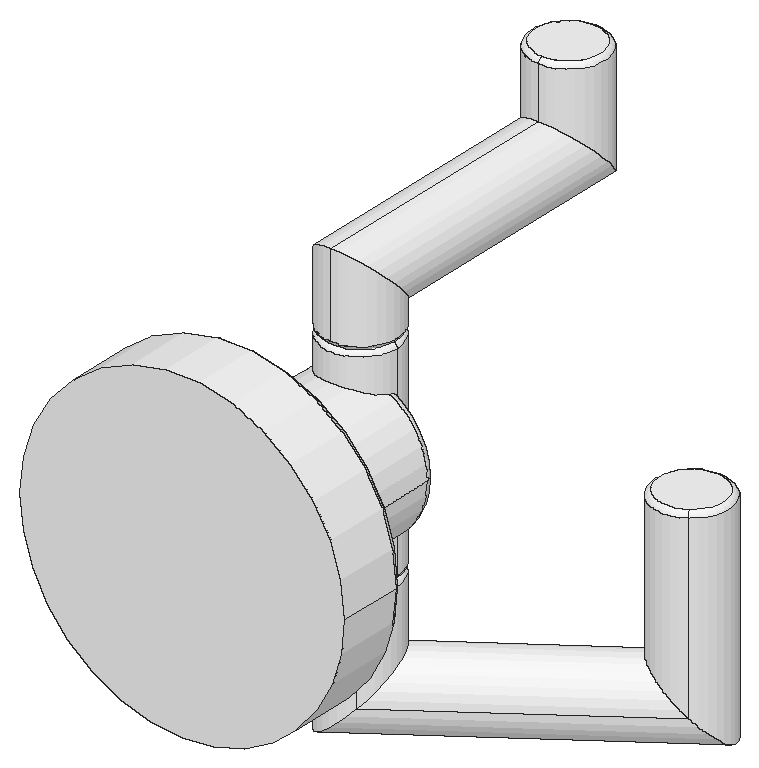
Revit family "SA-1008_Speakman_Neo_Double Robe Hook (1)", category Generic Models, host Wall, Revit 2023
Family settings
  Host = Wall
  Can host rebar = No
  Round Connector Dimension = Use Diameter
  Part Type = Normal
  Always vertical = Yes
  Cut with Voids When Loaded = No
  Maintain Annotation Orientation = No
  Shared = No
  Room Calculation Point = No
Parameters
  Width = 0' - 3 1/2"
  ROTATION  ANGLE = 35.00°
  MATERIAL_SA-1008 = MATERIAL_SA-1008
  Depth = 0' - 3 3/8"
  Default Elevation = 0' - 0"
Reference planes (in)
  plane 1: y = 0
  plane 2 "Center (Left/Right)": x = 0
  plane 3 "Wall Edge": y = 3
  plane 4 "Center": z = 42.75
  plane 5: y = 3.5
  plane 6: x = 1.09375
  plane 7: x = -1.09375
  plane 8: y = 4.5
  plane 9: z = 43.46732
  plane 10: z = 42.03125
  plane 11: y = 6.5
  plane 12: z = 44.4375
  plane 13: z = 41.0625
  plane 14: y = 6.25
  plane 15: z = 43.56019
  plane 16: z = 42.56019
  plane 17: x = 0.25
  plane 18: x = -0.25
  plane 19: z = 41.65625
  plane 20: z = 43.84375
  plane 21: x = 1.68133
  plane 22: x = 1.18182
  plane 23: y = 5.75218
  plane 24: y = 5.25227
Forms (in)
  Extrusion 1, solid, material "MATERIAL_SA-1008" <- "MATERIAL_SA-1008"
    sketch origin (-60, 3, -5.25) x (-1, 0, 0) y (0, 0, 1)
      loop
        circle (-60, 48) r 1.09375
    from 0 to 0.5
  Sweep 2, void
    path in 3D
      loop
        arc (-1.09375, 3.5, 42.75) -> (0, 3.5, 41.65625) -> (1.09375, 3.5, 42.75) r 1.09375
        arc (1.09375, 3.5, 42.75) -> (0, 3.5, 43.84375) -> (-1.09375, 3.5, 42.75) r 1.09375
    profile origin (0, 3.5, 43.84375) x (0, 0, 1) y (0, 1, 0)
      loop
        line (0, 0) -> (-0.0625, 0)
        arc (-0.0625, 0) -> (-0.02635, -0.02635) -> (0, -0.0625) r 0.14433
        line (0, -0.0625) -> (0, 0)
  Revolve 3, solid, material "MATERIAL_SA-1008" <- "MATERIAL_SA-1008"
    sketch origin (0, 0, -5.25) x (0, 1, 0) y (0, 0, 1)
      loop
        line (3.5, 48) -> (3.81448, 48) -> (3.81448, 48.49984) -> (3.77815, 48.49984)
        arc (3.77815, 48.49984) -> (3.75825, 48.50809) -> (3.75, 48.528) r 0.02815
        line (3.75, 48.528) -> (3.75, 48.5741)
        arc (3.75, 48.5741) -> (3.7237, 48.60253) -> (3.6875, 48.61626) r 0.08461
        line (3.6875, 48.61626) -> (3.5625, 48.61626)
        arc (3.5625, 48.61626) -> (3.52739, 48.62473) -> (3.5, 48.64828) r 0.07701
        line (3.5, 48.64828) -> (3.5, 48)
      axis (3.81448, 48) -> (3.5, 48)
    angle from 0 to 360
  Extrusion 4, solid, material "MATERIAL_SA-1008" <- "MATERIAL_SA-1008"
    sketch origin (-60, 3, -5.25) x (-1, 0, 0) y (0, 0, 1)
      loop
        circle (-60, 48) r 0.5
    from 0.81448 to 1.5
  Extrusion 5, solid, material "MATERIAL_SA-1008" <- "MATERIAL_SA-1008"
    sketch origin (0, 0, 42.75) x (1, 0, 0) y (0, 1, 0)
      loop
        circle (0, 4.5) r 0.25
    from -0.71875 to 0.71732
  Sweep 6, void
    path in 3D
      loop
        arc (-0.5, 4.5, 42.75) -> (0, 4.5, 42.25) -> (0.5, 4.5, 42.75) r 0.5
        arc (0.5, 4.5, 42.75) -> (0, 4.5, 43.25) -> (-0.5, 4.5, 42.75) r 0.5
    profile origin (0, 4.5, 43.25) x (0, 0, 1) y (0, 1, 0)
      loop
        line (0, 0) -> (-0.0625, 0)
        arc (-0.0625, 0) -> (-0.01831, -0.01831) -> (0, -0.0625) r 0.0625
        line (0, -0.0625) -> (0, 0)
  Sweep 7, solid, material "MATERIAL_SA-1008" <- "MATERIAL_SA-1008"
    path origin (0, 0, -5.25) x (0, 1, 0) y (0, 0, 1)
      loop
        line (4.5, 48.71732) -> (4.5, 49.06019) -> (6.25, 49.06019) -> (6.25, 49.6875)
    profile origin (0, 4.5, 43.63876) x (0, -1, 0) y (1, 0, 0)
      loop
        circle (0, 0) r 0.25
  Sweep 8, void
    path in 3D
      loop
        arc (0.25, 4.5, 43.46732) -> (0, 4.25, 43.46732) -> (-0.25, 4.5, 43.46732) r 0.25
        arc (-0.25, 4.5, 43.46732) -> (0, 4.75, 43.46732) -> (0.25, 4.5, 43.46732) r 0.25
    profile origin (0, 4.75, 43.46732) x (0, 1, 0) y (0, 0, 1)
      loop
        line (0, 0) -> (-0.03091, 0)
        arc (-0.03091, 0) -> (-0.0124, -0.0124) -> (0, -0.03091) r 0.05738
        line (0, -0.03091) -> (0, 0)
  Sweep 9, void
    path in 3D
      loop
        arc (-0.25, 4.5, 42.03125) -> (0, 4.25, 42.03125) -> (0.25, 4.5, 42.03125) r 0.25
        arc (0.25, 4.5, 42.03125) -> (0, 4.75, 42.03125) -> (-0.25, 4.5, 42.03125) r 0.25
    profile origin (0, 4.75, 42.03125) x (0, 1, 0) y (0, 0, -1)
      loop
        line (0, 0) -> (-0.03125, 0)
        arc (-0.03125, 0) -> (-0.01219, -0.01219) -> (0, -0.03125) r 0.05275
        line (0, -0.03125) -> (0, 0)
  Sweep 10, void
    path in 3D
      loop
        arc (0, 6, 44.4375) -> (-0.25, 6.25, 44.4375) -> (0, 6.5, 44.4375) r 0.25
        arc (0, 6.5, 44.4375) -> (0.25, 6.25, 44.4375) -> (0, 6, 44.4375) r 0.25
    profile origin (0.25, 6.25, 44.4375) x (1, 0, 0) y (0, 0, 1)
      loop
        line (0, 0) -> (-0.03125, 0)
        arc (-0.03125, 0) -> (-0.01263, -0.01263) -> (0, -0.03125) r 0.05969
        line (0, -0.03125) -> (0, 0)
  Sweep 11, void
    path in 3D
      loop
        arc (0.25, 4.5, 43.46732) -> (0, 4.25, 43.46732) -> (-0.25, 4.5, 43.46732) r 0.25
        arc (-0.25, 4.5, 43.46732) -> (0, 4.75, 43.46732) -> (0.25, 4.5, 43.46732) r 0.25
    profile origin (0, 4.75, 43.46732) x (0, -1, 0) y (0, 0, -1)
      loop
        line (0, 0) -> (0, -0.03091)
        arc (0, -0.03091) -> (0.0124, -0.0124) -> (0.03091, 0) r 0.05738
        line (0.03091, 0) -> (0, 0)
Cuts and joins
  Sweep 2 cuts Extrusion 1
  Sweep 6, Sweep 11 cuts Extrusion 4
  Sweep 8, Sweep 9, Sweep 11 cuts Extrusion 5
  Sweep 8, Sweep 10, Sweep 11 cuts Sweep 7
  joined: Extrusion 4, Extrusion 5, Sweep 7
Lines and regions (in)
  sketch lines
    curve 1: arc (1.09375, 3.5, 42.75) -> (0, 3.5, 43.84375) -> (-1.09375, 3.5, 42.75) r 1.09375
    curve 2: arc (-1.09375, 3.5, 42.75) -> (0, 3.5, 41.65625) -> (1.09375, 3.5, 42.75) r 1.09375
    curve 3: arc (0.5, 4.5, 42.75) -> (0, 4.5, 43.25) -> (-0.5, 4.5, 42.75) r 0.5
    curve 4: arc (-0.5, 4.5, 42.75) -> (0, 4.5, 42.25) -> (0.5, 4.5, 42.75) r 0.5
    curve 5: arc (-0.25, 4.5, 43.46732) -> (0, 4.75, 43.46732) -> (0.25, 4.5, 43.46732) r 0.25
    curve 6: arc (0.25, 4.5, 43.46732) -> (0, 4.25, 43.46732) -> (-0.25, 4.5, 43.46732) r 0.25
    curve 7: arc (0.25, 4.5, 42.03125) -> (0, 4.75, 42.03125) -> (-0.25, 4.5, 42.03125) r 0.25
    curve 8: arc (-0.25, 4.5, 42.03125) -> (0, 4.25, 42.03125) -> (0.25, 4.5, 42.03125) r 0.25
    curve 9: arc (0, 6.5, 44.4375) -> (0.25, 6.25, 44.4375) -> (0, 6, 44.4375) r 0.25
    curve 10: arc (0, 6, 44.4375) -> (-0.25, 6.25, 44.4375) -> (0, 6.5, 44.4375) r 0.25
    curve 11: arc (-0.25, 4.5, 43.46732) -> (0, 4.75, 43.46732) -> (0.25, 4.5, 43.46732) r 0.25
    curve 12: arc (0.25, 4.5, 43.46732) -> (0, 4.25, 43.46732) -> (-0.25, 4.5, 43.46732) r 0.25
Text (in)
  text "Placement Side" at (0, 40.15149, 123.01588), in view "Right"
  text "Placement Side" at (-70.3804, 28.46503, 0), in view "Ref. Level"
  text "Placement Side" at (0, 81.62555, 140.59947), in view "Left"
Dimensions and locks (in)
  locked: plane 3 "Wall Edge" to host wall
  level to plane 4 "Center" = 3' - 6 3/4"
  plane 5 to host wall = 0' - 0 1/2"
  plane 6 to plane 7 = 0' - 2 3/16"
  plane 8 to host wall = 0' - 1 1/2"
  plane 7 to plane 6 = 0' - 2 3/16"
  "Width": plane 11 to host wall
  "Depth": plane 12 to plane 13
  plane 15 to plane 16 = 0' - 1"
  locked: plane 11 to plane 14 at 0.25
  plane 13 to plane 12 = 0' - 3 3/8"
  plane 18 to plane 17 = 0' - 0 1/2"  (x2)
  plane 3 "Wall Edge" to plane 11 = 0' - 3 1/2"
  plane 3 "Wall Edge" to plane 5 = 0' - 0 1/2"
  plane 3 "Wall Edge" to plane 8 = 0' - 1 1/2"
  plane 16 to plane 15 = 0' - 1"  (x2)
  plane 20 to plane 19 = 0' - 2 3/16"  (x2)
  plane 19 to plane 20 = 0' - 2 3/16"
  host wall to plane 5 = 0' - 0 1/2"
  plane 14 to plane 11 = 0' - 0 1/4"
  plane 21 to plane 22 = 0' - 0.49951"
  plane 23 to plane 24 = 0' - 0.49991"
  plane 24 to plane 23 = 0' - 0.49991"
  "ROTATION  ANGLE": angle plane 8 to nested 1
  aligned and locked: Extrusion 1 to plane 5
  aligned and locked: plane 14 to Sweep 7 sketch curve
Automatic sketch dimensions
  Extrusion 1 sketch curve to plane 2 "Center (Left/Right)" = 0' - 0"
  Extrusion 1 sketch curve to plane 4 "Center" = 0' - 0"
  Extrusion 4 sketch curve to plane 2 "Center (Left/Right)" = 0' - 0"
  Extrusion 4 sketch curve to plane 4 "Center" = 0' - 0"
  Extrusion 5 sketch curve to plane 2 "Center (Left/Right)" = 0' - 0"
  plane 8 to Extrusion 5 sketch curve = 0' - 0"
  Sweep 6 sketch curve to profile plane = 0' - 0"
  profile plane to Sweep 6 sketch curve = 0' - 0"
  profile plane to Sweep 6 sketch curve = 0' - 0 1/16"
  Sweep 7 sketch curve to plane 2 "Center (Left/Right)" = 0' - 0"
  Sweep 7 sketch curve to profile plane = 0' - 0"
  Sweep 7 sketch curve to plane 8 = 0' - 0"
  plane 9 to Sweep 7 sketch curve = 0' - 0"
  Sweep 7 sketch curve to plane 12 = 0' - 0"
  Sweep 7 sketch curve to plane 9 = 0' - 0.34287"
  Sweep 8 sketch curve to profile plane = 0' - 0"  (x2)
  profile plane to Sweep 8 sketch curve = 0' - 0.05297"
  Sweep 8 sketch curve to profile plane = 0' - 0.05297"
  Sweep 8 sketch curve to Sweep 8 sketch curve = 0' - 0.03091"
  Sweep 11 sketch curve to profile plane = 0' - 0"
  profile plane to Sweep 11 sketch curve = 0' - 0"
  Sweep 11 sketch curve to profile plane = 0' - 0.03091"
  Sweep 11 sketch curve to profile plane = 0' - 0.05297"
  Sweep 11 sketch curve to Sweep 11 sketch curve = 0' - 0.03091"
  Sweep 10 sketch curve to profile plane = 0' - 0"
  profile plane to Sweep 10 sketch curve = 0' - 0"
  profile plane to Sweep 10 sketch curve = 0' - 0.05483"
  Sweep 10 sketch curve to profile plane = 0' - 0.05483"
  Sweep 10 sketch curve to Sweep 10 sketch curve = 0' - 0 1/32"
  profile plane to Sweep 9 sketch curve = 0' - 0"
  Sweep 9 sketch curve to profile plane = 0' - 0"
  profile plane to Sweep 9 sketch curve = 0' - 0.04949"
  Sweep 9 sketch curve to profile plane = 0' - 0.04949"
  Sweep 9 sketch curve to Sweep 9 sketch curve = 0' - 0 1/32"
  Sweep 2 sketch curve to profile plane = 0' - 0"
  profile plane to Sweep 2 sketch curve = 0' - 0"
  profile plane to Sweep 2 sketch curve = 0' - 0 1/16"
  profile plane to Sweep 2 sketch curve = 0' - 0.1284"
  Sweep 2 sketch curve to profile plane = 0' - 0 1/16"
  Revolve 3 sketch curve to plane 4 "Center" = 0' - 0"  (x2)
  Revolve 3 sketch curve to plane 5 = 0' - 0"
  plane 9 to Revolve 3 sketch curve = 0' - 0.02405"
  Revolve 3 sketch curve to plane 5 = 0' - 0 1/16"
  Revolve 3 sketch curve to Revolve 3 sketch curve = 0' - 0.11389"
  Revolve 3 sketch curve to Revolve 3 sketch curve = 0' - 0.01111"
  Revolve 3 sketch curve to Revolve 3 sketch curve = 0' - 0 1/16"
  Revolve 3 sketch curve to Revolve 3 sketch curve = 0' - 0.02815"
  Revolve 3 sketch curve to plane 5 = 0' - 0.31448"
  plane 9 to Revolve 3 sketch curve = 0' - 0.21747"
  Revolve 3 sketch curve to Revolve 3 sketch curve = 0' - 0.00438"
  Revolve 3 sketch curve to Revolve 3 sketch curve = 0' - 0.04611"
  host wall to Revolve 3 sketch curve = 4' - 9 147/256"
  Revolve 3 sketch curve to plane 11 = 4' - 6.11118"
  radius of Extrusion 1 sketch curve = 0' - 1 3/32"
  radius of Extrusion 4 sketch curve = 0' - 0 1/2"
  radius of Extrusion 5 sketch curve = 0' - 0 1/4"
  radius of Sweep 7 sketch curve = 0' - 0 1/4"
Nested families (in)
  nested 1: "hold" at (-0.00213, 4.49851, 42.03125) x (-0.5736, 0.8192, 0) z (0, 0, 1), type "hold"
Definition of nested family "hold"
  Parameters
    MATERIAL_SA-1008 = none
    Default Elevation = 4' - 0"
  Reference planes (in)
    plane 1 "Center (Front/Back)": y = 0
    plane 2: z = 0
    plane 3 "Center (Left/Right)": x = 0
  Forms (in)
    Extrusion 1, solid
      sketch origin (0, 0, 0) x (1, 0, 0) y (0, 1, 0)
        loop
          line (-48, 48) -> (-48, -48) -> (48, -48) -> (48, 48) -> (-48, 48)
      from 0 to -12
    Sweep 2, solid, material <- "MATERIAL_SA-1008"
      path origin (0, 4.5, -47.28125) x (0, -1, 0) y (0, 0, -1)
        loop
          line (4.5, -47.28125) -> (4.5, -46.5625) -> (6.25, -46.5625) -> (6.25, -47.81019)
      profile origin (0, 0, -0.35938) x (1, 0, 0) y (0, 1, 0)
        loop
          circle (0, 0) r 0.25
    Sweep 3, void
      path in 3D
        loop
          arc (-0.25, -1.75, 0.52894) -> (0, -1.5, 0.52894) -> (0.25, -1.75, 0.52894) r 0.25
          arc (0.25, -1.75, 0.52894) -> (0, -2, 0.52894) -> (-0.25, -1.75, 0.52894) r 0.25
      profile origin (0, -2, 0.52894) x (0, -1, 0) y (0, 0, 1)
        loop
          arc (-0.0338, 0) -> (-0.01367, -0.01367) -> (0, -0.0338) r 0.06489
          line (0, -0.0338) -> (0, 0) -> (-0.0338, 0)
    Sweep 4, void
      path in 3D
        loop
          arc (0.25, 0, 0) -> (0, -0.25, 0) -> (-0.25, 0, 0) r 0.25
          arc (-0.25, 0, 0) -> (0, 0.25, 0) -> (0.25, 0, 0) r 0.25
      profile origin (0, 0.25, 0) x (0, 1, 0) y (0, 0, 1)
        loop
          arc (-0.03942, 0) -> (-0.01508, -0.01181) -> (0, -0.03427) r 0.05184
          line (0, -0.03427) -> (0, 0) -> (-0.03942, 0)
  Cuts and joins
    Sweep 3, Sweep 4 cuts Sweep 2
  Lines and regions (in)
    sketch lines
      curve 1: arc (0.25, -1.75, 0.52894) -> (0, -2, 0.52894) -> (-0.25, -1.75, 0.52894) r 0.25
      curve 2: arc (-0.25, -1.75, 0.52894) -> (0, -1.5, 0.52894) -> (0.25, -1.75, 0.52894) r 0.25
      curve 3: arc (-0.25, 0, 0) -> (0, 0.25, 0) -> (0.25, 0, 0) r 0.25
      curve 4: arc (0.25, 0, 0) -> (0, -0.25, 0) -> (-0.25, 0, 0) r 0.25
  Dimensions and locks (in)
    aligned and locked: plane 2 to Extrusion 1
    aligned and locked: level to Extrusion 1
